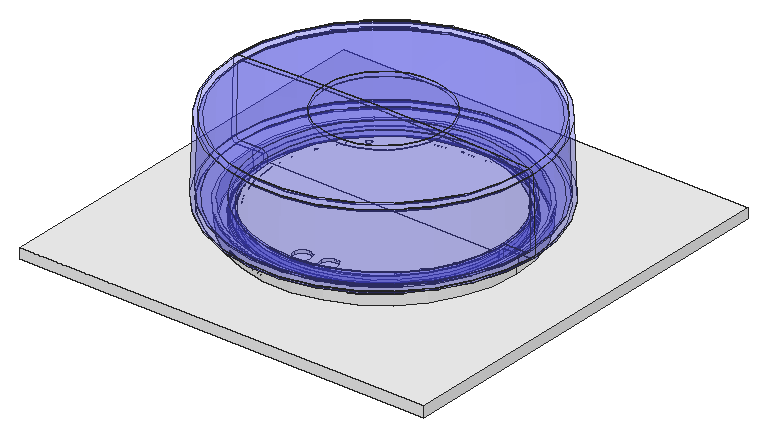
Revit family "BE_50655_de_DE", category Leuchten, Revit 2020
Family settings
  Basisbauteil = Fläche
  Bemaßung runder Anschluss = Durchmesser verwenden
  Teiletyp = Normal
  Beim Laden mit Abzugskörper schneiden = Ja
  Lichtquelle = Ja
  Gemeinsam genutzt = Nein
  Raumberechnungspunkt = Ja
Parameters (values of type "BEGA_50655_K27")
  built-in parameter 1150104 = 14.4 (stored number, unit not read)
  Wattage = 16.8 W
  Default Elevation = 0 mm
  built-in parameter 1150113 = 1 (stored number, unit not read)
  built-in parameter 1114218 = 1 (stored number, unit not read)
  Umgebungstemperatur = "25 °C"
  URL = "https://www.bega.com/de/produkt/50655"
  Typenkommentare = "© 2022 BEGA. Wir behalten uns das Recht vor, technische Änderungen ohne vorherige Ankündigung vorzunehmen."  # constant formula
  built-in parameter 1150134 = (empty or 0)
  built-in parameter 1150109 = 1 (stored number, unit not read)
  Strom = ""
  built-in parameter 1150110 = 1 (stored number, unit not read)
  Spannung = 239.996 V
  Sonderanfertigung = no
  Seriennummer [instance] = "Hier können Sie die eindeutige Seriennummer für das Facility Management eintragen."
  Schutzklasse = "I"
  Schutzart = "IP 44"
  Scheinlast = 0 VA
  Produktdatenblatt = "https://cdn.bega.com/bega/products/50655K27/current/documents/data-sheets/de"
  Oberflächentemperatur = ""
  Neigungswinkel = 0.00°
  Modell = "50655K27"
  Material_17 = BEGA_Reflektor
  Material_15 = BEGA_Leuchtmedium_matt
  Material_11 = BEGA_Glas_opal
  Material_09 = BEGA_Glas_klar
  Material_06 = BEGA_Oberfläche_Edelstahl_gebürstet
  Material_03 = BEGA_Oberfläche_Weiss_matt
  Material_02 = BEGA_Oberfläche_Silber_matt
  Material_01 [instance] = BEGA_Oberfläche_Grafit_matt
  M_W = no
  M_G = no
  M_A = no
  Logo = 0
  built-in parameter 1114217 = 1 (stored number, unit not read)
  built-in parameter 1150139 = (empty or 0)
  built-in parameter 1150105 = 550.81 (stored number, unit not read)
  built-in parameter 1150114 = 1 (stored number, unit not read)
  Lumens = 2604 lm
  built-in parameter 1150115 = 1 (stored number, unit not read)
  Leuchtenlichtstrom = "1744 lm"
  Leuchtenanzahl = ""
  Lebensdauerkriterien = "L70B50 @ 25 °C = 200000 h"
  Lastklassifizierung = Beleuchtung
  built-in parameter 1150112 = 1 (stored number, unit not read)
  Lampenlichtstrom = "2600 lm"
  Lampe = "LED 16.8 W"
  LED_Modulbezeichnung = "4x LED-0280/927"
  Hersteller = "BEGA"  # constant formula
  Halbstreuwinkel = ""
  Gewicht = "2.65 kg"
  Gebrauchslageneinschränkung [instance] = ""
  Frequenz = "0/50-60 Hz"
  Farbwiedergabeindex = "CRI > 90"
  Farbtemperaturverschiebung bei Dämpfen der Lampe = <Keine Auswahl>
  Farbtemperatur = "2700 K"
  Color Filter = 16777215
  built-in parameter 1150133 = 10 (stored number, unit not read)
  Energieeffizienzklasse = "LED A++ - A"
  built-in parameter 1150137 = (empty or 0)
  built-in parameter 1150132 = (empty or 0)
  ENEC = "ja"
  Dimmbar [instance] = "DALI"
  Datei für fotometrisches Netz = "BE_50655K27.IES"
  CE_Konformität = "ja"
  Bestellnummer = "50655K27"
  Beschreibung_Sonderanfertigung = "Hier können Sie Informationen zur Sonderanfertigung eintragen."
  Beschreibung = "Decken- und Wandleuchte"
  built-in parameter 1150106 = 5.5081 (stored number, unit not read)
  Befestigungsbohrung = "Ø 5,5 mm"
  Befestigungsabstand = "208 mm"
  Ballwurfsicher = ""
  BEGA_Intern_aus = yes
  BEGA_Intern_an = yes
  BEGA_Intern_Konstruktion = yes
  BEGA_Intern = yes
  BEGA_IES = yes
  BEGA_Dummy = no
  Anschlussleitung = ""
  Anschlussleistung [instance] = "19.1 W"
  Anschlusskasten = ""
  built-in parameter 1150107 = 3000 (stored number, unit not read)
  built-in parameter 1150102 = (empty or 0)
  built-in parameter 1150138 = (empty or 0)
  Aktualisierung = "2022-05-19T04:00:07"
  Abstand_zur_angestrahlten_Fläche [instance] = ""
  AC/DC = "AC/DC"
Types (3, lengths in mm): name | built-in parameter 1150104 | built-in parameter 1150134 | Modell | built-in parameter 1150105 | Lumens | Leuchtenlichtstrom | Lampenlichtstrom | LED_Modulbezeichnung | Farbtemperatur | Datei für fotometrisches Netz | Bestellnummer | built-in parameter 1150106 | built-in parameter 1150107
  BEGA_50655_K4 | 14.864 (stored number, unit not read) | 12 | "50655K4" | 568.55 (stored number, unit not read) | 2688 lm | "1770 lm" | "2640 lm" | "4x LED-0280/930" | "4000 K" | "BE_50655K4.IES" | "50655K4" | 5.6855 (stored number, unit not read) | 4000 (stored number, unit not read)
  BEGA_50655_K3 | 14.4 (stored number, unit not read) | (empty or 0) | "50655K3" | 550.81 (stored number, unit not read) | 2604 lm | "1770 lm" | "2640 lm" | "4x LED-0280/930" | "3000 K" | "BE_50655K3.IES" | "50655K3" | 5.5081 (stored number, unit not read) | 3000 (stored number, unit not read)
  BEGA_50655_K27 | 14.4 (stored number, unit not read) | (empty or 0) | "50655K27" | 550.81 (stored number, unit not read) | 2604 lm | "1744 lm" | "2600 lm" | "4x LED-0280/927" | "2700 K" | "BE_50655K27.IES" | "50655K27" | 5.5081 (stored number, unit not read) | 3000 (stored number, unit not read)
Reference planes
  plane 1 "Mitte (Vorne/Hinten)": y = 0
  plane 2: z = 0
  plane 3 "Mitte (Links/Rechts)": x = 0
  plane 4 "Links": x = -149.893
  plane 5 "Rechts": x = 149.893
  plane 6 "Unten": y = -149.9
  plane 7 "Oben": y = 149.9
  plane 8 "Vorne": z = 106.484
  plane 9 "Hinten": z = 0
Forms (mm)
  Extrusion 1, solid, material "BEGA_Platte_Weiss"
    sketch origin (0, -1119.2, 0) x (1, 0, 0) y (0, 1, 0)
      loop
        line (-200, 1319.2) -> (-200, 919.2) -> (200, 919.2) -> (200, 1319.2) -> (-200, 1319.2)
    from 0 to -10
  Extrusion 2, solid, material "BEGA_Dummy_matt", visible <- "BEGA_Dummy"
    sketch origin (77.149, -76.023, 0) x (1, 0, 0) y (0, 1, 0)
      loop
        circle (-77.149, 76.023) r 150
    from 0 to 106.484
Dimensions and locks
  plane 1 "Mitte (Vorne/Hinten)" to Extrusion 1 = 200 mm
  aligned and locked: plane 2 to Extrusion 1
  aligned and locked: level to Extrusion 1
Nested families
  nested 1: "BE_50655" at (0, 0, 0), type "BE_50655"
Connectors
  electrical at (0, 0, 0), driven by "Lastklassifizierung", driven by "Spannung", driven by "Scheinlast"
    settings: index 1, voltage 239.996 V, apparent load 0 VA, apparent load phase1 0 VA, apparent load phase2 0 VA, apparent load phase3 0 VA, power factor 1, load classification "Beleuchtung", number of poles 1, system type 31, power factor state 1, is connector primary yes, connector utility no, sub classification motor no, connector description ""
Definition of nested family "BE_50655"
  Parameters (values of type "BE_50655")
    Default Elevation = 1 mm
    URL = "http://www.bega.de/de/produkt"
    Type Comments = "© 2015 BEGA. Wir behalten uns das Recht vor, technische Änderungen ohne vorherige Ankündigung vorzunehmen. "  # constant formula
    Type Image = (empty or 0)
    Neigungswinkel_um_Z2 = 0.00°
    Neigungswinkel_um_Z1 = 0.00°
    Neigungswinkel_um_Y2 = 0.00°
    Neigungswinkel_um_Y1 = 0.00°
    Neigungswinkel_um_X2 = 0.00°
    Neigungswinkel_um_X1 = 0.00°
    Material_17 = none
    Material_15 = none
    Material_11 = none
    Material_09 = none
    Material_06 = none
    Material_05 = none
    Material_03 = none
    Material_02 = none
    Material_01 = none
    M_W = yes
    M_G = yes
    M_A = yes
    Länge_Platte = 350 mm  # constant formula
    Höhe_Platte = -10 mm  # constant formula
    Manufacturer = "BEGA"  # constant formula
    Drehwinkel_um_Z2 = 0.00°
    Drehwinkel_um_Z1 = 0.00°
    Breite_Platte = 350 mm  # constant formula
  Reference planes
    plane 1 "Mitte (Oben/Unten)": y = 0
    plane 2: z = 0
    plane 3 "Mitte (Links/Rechts)": x = 0
    plane 4: x = -149.893
    plane 5: z = 106.484
    plane 6: x = 149.893
    plane 7: y = -149.9
    plane 8: y = 149.9
  Forms (mm)
    Extrusion 1, solid, detail levels medium
      sketch origin (0, 0, 0) x (1, 0, 0) y (0, 1, 0)
        loop
          line (-175, 175) -> (-175, -175) -> (175, -175) -> (175, 175) -> (-175, 175)
      from 0 to -10 <- "Höhe_Platte"
    Revolve 2, solid, material <- "Material_03", detail levels medium+fine
      sketch origin (0, 0, 0) x (1, 0, 0) y (0, 0, 1)
        loop
          line (-133, 23.5) -> (-133, 22) -> (-132.1, 22) -> (-131.506, 5) -> (-112.46, 5)
          arc (-112.46, 5) -> (-111.765, 5.281) -> (-111.46, 5.966) r 1
          line (-111.46, 5.966) -> (-111.179, 14.035)
          arc (-111.179, 14.035) -> (-110.874, 14.719) -> (-110.179, 15) r 1
          line (-110.179, 15) -> (0, 15) -> (0, 17.535) -> (-113.15, 17.535) -> (-113.449, 8.958)
          arc (-113.449, 8.958) -> (-113.906, 7.931) -> (-114.948, 7.51) r 1.5
          line (-114.948, 7.51) -> (-128.534, 7.5)
          arc (-128.534, 7.5) -> (-129.228, 7.78) -> (-129.534, 8.463) r 1
          line (-129.534, 8.463) -> (-130.059, 23.5) -> (-133, 23.5)
        axis (0, 5) -> (0, 23.5)
      angle from 0 to 360
    Revolve 3, solid, material <- "Material_03", detail levels medium+fine
      sketch origin (-120, 0, 0) x (-1, 0, 0) y (0, 0, 1)
        loop
          line (-2.811, 4.164) -> (-2.468, 2.099)
          arc (-2.468, 2.099) -> (-1.62, 0.596) -> (0, 0) r 2.5
          line (0, 0) -> (0, 6.055) -> (-3.797, 6.055) -> (-3.797, 5)
          arc (-3.797, 5) -> (-3.151, 4.763) -> (-2.811, 4.164) r 1
        axis (0, 6.055) -> (0, 0)
      angle from 0 to 360
    Extrusion 4, void
      sketch origin (0, 0, 0) x (1, 0, 0) y (0, 1, 0)
        loop
          circle (22, -95) r 8.475
        loop
          circle (-73.539, 73.539) r 2.75
        loop
          circle (73.539, -73.539) r 2.75
        loop
          circle (-2.5, -97.5) r 8.475
      from 3 to 18.982
    Revolve 5, solid, material <- "Material_11", detail levels medium+fine
      sketch origin (0, 0, 0) x (1, 0, 0) y (0, 0, 1)
        loop
          line (-58.511, 105.392) -> (-144.167, 102.537)
          arc (-144.167, 102.537) -> (-146.872, 101.357) -> (-148.032, 98.644) r 4
          line (-148.032, 98.644) -> (-149.893, 27.605)
          arc (-149.893, 27.605) -> (-148.759, 24.709) -> (-145.894, 23.5) r 4
          line (-145.894, 23.5) -> (-118.75, 23.5) -> (-118.75, 15.269)
          arc (-118.75, 15.269) -> (-118.957, 14.659) -> (-119.492, 14.301) r 1
          line (-119.492, 14.301) -> (-120.509, 14.029)
          arc (-120.509, 14.029) -> (-121.043, 13.672) -> (-121.25, 13.063) r 1
          line (-121.25, 13.063) -> (-121.25, 9.5) -> (-117.25, 9.5) -> (-117.25, 10.937)
          arc (-117.25, 10.937) -> (-115.42, 12.767) -> (-114.75, 15.267) r 5
          line (-114.75, 15.267) -> (-114.75, 22)
          arc (-114.75, 22) -> (-116.366, 25.889) -> (-120.256, 27.5) r 5.5
          line (-120.256, 27.5) -> (-141.788, 27.5)
          arc (-141.788, 27.5) -> (-144.653, 28.709) -> (-145.786, 31.605) r 4
          line (-145.786, 31.605) -> (-144.132, 94.772)
          arc (-144.132, 94.772) -> (-142.973, 97.485) -> (-140.269, 98.665) r 4
          line (-140.269, 98.665) -> (-58.418, 101.392)
          arc (-58.418, 101.392) -> (-29.213, 102.152) -> (0, 102.484) r 1996
          line (0, 102.484) -> (0, 106.484)
          arc (0, 106.484) -> (-29.259, 106.152) -> (-58.511, 105.392) r 2000
        axis (0, 106.484) -> (0, 9.5)
      angle from 0 to 360
    Revolve 6, solid, material <- "Material_03", detail levels medium+fine
      sketch origin (0, 120, 0) x (0, 1, 0) y (0, 0, 1)
        loop
          line (-2.811, 4.164) -> (-2.468, 2.099)
          arc (-2.468, 2.099) -> (-1.62, 0.596) -> (0, 0) r 2.5
          line (0, 0) -> (0, 6.055) -> (-3.797, 6.055) -> (-3.797, 5)
          arc (-3.797, 5) -> (-3.151, 4.763) -> (-2.811, 4.164) r 1
        axis (0, 6.055) -> (0, 0)
      angle from 0 to 360
    Revolve 7, solid, material <- "Material_03", detail levels medium+fine
      sketch origin (0, -120, 0) x (0, -1, 0) y (0, 0, 1)
        loop
          line (-2.811, 4.164) -> (-2.468, 2.099)
          arc (-2.468, 2.099) -> (-1.62, 0.596) -> (0, 0) r 2.5
          line (0, 0) -> (0, 6.055) -> (-3.797, 6.055) -> (-3.797, 5)
          arc (-3.797, 5) -> (-3.151, 4.763) -> (-2.811, 4.164) r 1
        axis (0, 6.055) -> (0, 0)
      angle from 0 to 360
    Revolve 8, solid, material <- "Material_03", detail levels medium+fine
      sketch origin (120, 0, 0) x (1, 0, 0) y (0, 0, 1)
        loop
          line (-2.811, 4.164) -> (-2.468, 2.099)
          arc (-2.468, 2.099) -> (-1.62, 0.596) -> (0, 0) r 2.5
          line (0, 0) -> (0, 6.055) -> (-3.797, 6.055) -> (-3.797, 5)
          arc (-3.797, 5) -> (-3.151, 4.763) -> (-2.811, 4.164) r 1
        axis (0, 6.055) -> (0, 0)
      angle from 0 to 360
  Cuts and joins
    Extrusion 4 cuts Revolve 2
    Extrusion 4 cuts Revolve 3
    joined: Revolve 2, Revolve 3, Revolve 6, Revolve 7, Revolve 8
  Dimensions and locks
    equal spacing: Extrusion 1 sketch curve, plane 3 "Mitte (Links/Rechts)", Extrusion 1 sketch curve
    equal spacing: Extrusion 1 sketch curve, plane 1 "Mitte (Oben/Unten)", Extrusion 1 sketch curve
    "Länge_Platte": Extrusion 1 sketch curve to Extrusion 1 sketch curve
    "Breite_Platte": Extrusion 1 sketch curve to Extrusion 1 sketch curve
    aligned and locked: plane 2 to Extrusion 1
    aligned and locked: level to Extrusion 1
  Automatic sketch dimensions
    Revolve 3 sketch curve to Revolve 3 sketch curve = 1.33 mm
    Revolve 3 sketch curve to Revolve 3 sketch curve = 0 mm  (x6)
    Revolve 3 sketch curve to Revolve 3 sketch curve = 1.901 mm
    Revolve 3 sketch curve to Revolve 3 sketch curve = 1 mm
    Revolve 3 sketch curve to Revolve 3 sketch curve = 1.055 mm
    Revolve 3 sketch curve to Revolve 3 sketch curve = 0.986 mm
    Extrusion 4 sketch curve to plane 3 "Mitte (Links/Rechts)" = 2.5 mm
    plane 3 "Mitte (Links/Rechts)" to Extrusion 4 sketch curve = 22 mm
    plane 1 "Mitte (Oben/Unten)" to Extrusion 4 sketch curve = 73.539 mm
    Extrusion 4 sketch curve to plane 1 "Mitte (Oben/Unten)" = 73.539 mm
    Revolve 2 sketch curve to plane 3 "Mitte (Links/Rechts)" = 0 mm  (x2)
    Revolve 2 sketch curve to Revolve 2 sketch curve = 1.499 mm
    Revolve 2 sketch curve to Revolve 2 sketch curve = 13.586 mm
    level to Revolve 2 sketch curve = 8.463 mm
    Revolve 2 sketch curve to Revolve 2 sketch curve = 0.999 mm  (x2)
    Revolve 2 sketch curve to Revolve 2 sketch curve = 0.525 mm
    Revolve 2 sketch curve to Revolve 2 sketch curve = 2.972 mm
    Revolve 2 sketch curve to Revolve 2 sketch curve = 2.041 mm
    Revolve 2 sketch curve to Revolve 2 sketch curve = 0.9 mm
    Revolve 2 sketch curve to Revolve 2 sketch curve = 3.463 mm
    Revolve 2 sketch curve to Revolve 2 sketch curve = 0.038 mm
    Revolve 2 sketch curve to Revolve 2 sketch curve = 0.052 mm
    level to Revolve 2 sketch curve = 15 mm
    Revolve 2 sketch curve to Revolve 2 sketch curve = 2.535 mm
    Revolve 2 sketch curve to Revolve 2 sketch curve = 13.538 mm
    Revolve 2 sketch curve to Revolve 2 sketch curve = 1.5 mm
    Revolve 2 sketch curve to Revolve 2 sketch curve = 0 mm  (x4)
    Revolve 2 sketch curve to Revolve 2 sketch curve = 3 mm
    Revolve 2 sketch curve to Revolve 2 sketch curve = 2.1 mm
    Revolve 2 sketch curve to Revolve 2 sketch curve = 1.458 mm
    Revolve 2 sketch curve to Revolve 2 sketch curve = 2.488 mm
    Revolve 2 sketch curve to Revolve 2 sketch curve = 0.966 mm
    Revolve 2 sketch curve to Revolve 2 sketch curve = 0.034 mm
    Revolve 2 sketch curve to Revolve 2 sketch curve = 0.035 mm
    Revolve 3 sketch curve to Revolve 3 sketch curve = 2.468 mm
    Revolve 3 sketch curve to Revolve 3 sketch curve = 2.099 mm
    Revolve 6 sketch curve to Revolve 6 sketch curve = 1.33 mm
    Revolve 6 sketch curve to Revolve 6 sketch curve = 0 mm  (x6)
    Revolve 6 sketch curve to Revolve 6 sketch curve = 1.901 mm
    Revolve 6 sketch curve to Revolve 6 sketch curve = 1 mm
    Revolve 6 sketch curve to Revolve 6 sketch curve = 1.055 mm
    Revolve 6 sketch curve to Revolve 6 sketch curve = 0.986 mm
    Revolve 6 sketch curve to Revolve 6 sketch curve = 2.468 mm
    Revolve 6 sketch curve to Revolve 6 sketch curve = 2.099 mm
    Revolve 7 sketch curve to Revolve 7 sketch curve = 1.33 mm
    Revolve 7 sketch curve to Revolve 7 sketch curve = 0 mm  (x6)
    Revolve 7 sketch curve to Revolve 7 sketch curve = 1.901 mm
    Revolve 7 sketch curve to Revolve 7 sketch curve = 1 mm
    Revolve 7 sketch curve to Revolve 7 sketch curve = 1.055 mm
    Revolve 7 sketch curve to Revolve 7 sketch curve = 0.986 mm
    Revolve 7 sketch curve to Revolve 7 sketch curve = 2.468 mm
    Revolve 7 sketch curve to Revolve 7 sketch curve = 2.099 mm
    Revolve 8 sketch curve to Revolve 8 sketch curve = 1.33 mm
    Revolve 8 sketch curve to Revolve 8 sketch curve = 0 mm  (x6)
    Revolve 8 sketch curve to Revolve 8 sketch curve = 1.901 mm
    Revolve 8 sketch curve to Revolve 8 sketch curve = 1 mm
    Revolve 8 sketch curve to Revolve 8 sketch curve = 1.055 mm
    Revolve 8 sketch curve to Revolve 8 sketch curve = 0.986 mm
    Revolve 8 sketch curve to Revolve 8 sketch curve = 2.468 mm
    Revolve 8 sketch curve to Revolve 8 sketch curve = 2.099 mm
    Revolve 3 sketch curve to level = 0 mm
    Revolve 6 sketch curve to level = 0 mm
    Revolve 7 sketch curve to level = 0 mm
    Revolve 8 sketch curve to level = 0 mm
    Revolve 5 sketch curve to plane 3 "Mitte (Links/Rechts)" = 0 mm  (x2)
    Revolve 5 sketch curve to Revolve 5 sketch curve = 0.093 mm
    Revolve 5 sketch curve to Revolve 5 sketch curve = 1.5 mm  (x3)
    Revolve 5 sketch curve to Revolve 5 sketch curve = 0.742 mm
    Revolve 5 sketch curve to Revolve 5 sketch curve = 1 mm  (x2)
    Revolve 5 sketch curve to Revolve 5 sketch curve = 0 mm  (x19)
    Revolve 5 sketch curve to Revolve 5 sketch curve = 0.758 mm
    Revolve 5 sketch curve to Revolve 5 sketch curve = 1.506 mm
    Revolve 5 sketch curve to Revolve 5 sketch curve = 0.135 mm
    Revolve 5 sketch curve to Revolve 5 sketch curve = 21.532 mm
    Revolve 5 sketch curve to Revolve 5 sketch curve = 3.765 mm
    Revolve 5 sketch curve to Revolve 5 sketch curve = 4.106 mm
    Revolve 5 sketch curve to Revolve 5 sketch curve = 3.999 mm  (x4)
    plane 3 "Mitte (Links/Rechts)" to Revolve 5 sketch curve = 8.067 mm
    level to Revolve 5 sketch curve = 31.5 mm
    Revolve 5 sketch curve to Revolve 5 sketch curve = 4 mm  (x2)
    Revolve 5 sketch curve to Revolve 5 sketch curve = 6.731 mm
    Revolve 5 sketch curve to Revolve 5 sketch curve = 0.001 mm  (x2)
    Revolve 5 sketch curve to Revolve 5 sketch curve = 1.238 mm
    Revolve 5 sketch curve to Revolve 5 sketch curve = 2.126 mm
    Revolve 5 sketch curve to Revolve 5 sketch curve = 1.437 mm
    Revolve 5 sketch curve to level = 1893.5 mm
    Revolve 5 sketch curve to Revolve 5 sketch curve = 0.005 mm
    Revolve 5 sketch curve to Revolve 5 sketch curve = 0.259 mm
    Revolve 5 sketch curve to Revolve 5 sketch curve = 0.133 mm
    Revolve 2 sketch curve to Revolve 2 sketch curve = 110.179 mm
    level to Revolve 2 sketch curve = 14.035 mm
    Revolve 2 sketch curve to Revolve 2 sketch curve = 0.282 mm
    Revolve 2 sketch curve to Revolve 2 sketch curve = 2.97 mm
    Revolve 3 sketch curve to plane 3 "Mitte (Links/Rechts)" = 116.203 mm
    Extrusion 4 sketch curve to plane 3 "Mitte (Links/Rechts)" = 73.539 mm
    Revolve 5 sketch curve to plane 3 "Mitte (Links/Rechts)" = 58.418 mm
    Revolve 5 sketch curve to Revolve 5 sketch curve = 58.832 mm
    Revolve 5 sketch curve to Revolve 5 sketch curve = 1.654 mm
    Revolve 5 sketch curve to Revolve 5 sketch curve = 0.099 mm
    Revolve 5 sketch curve to Revolve 5 sketch curve = 63.167 mm
    Revolve 5 sketch curve to Revolve 5 sketch curve = 0.105 mm  (x2)
    Revolve 5 sketch curve to Revolve 5 sketch curve = 0.125 mm
    Revolve 5 sketch curve to Revolve 5 sketch curve = 2.728 mm
    Revolve 5 sketch curve to Revolve 5 sketch curve = 11.983 mm
    Extrusion 4 sketch curve to Extrusion 4 sketch curve = 51.539 mm
    plane 3 "Mitte (Links/Rechts)" to Revolve 8 sketch curve = 116.203 mm
    plane 7 to Extrusion 4 sketch curve = 54.9 mm
    Extrusion 4 sketch curve to Extrusion 4 sketch curve = 2.5 mm
    plane 7 to Revolve 7 sketch curve = 33.697 mm
    Revolve 6 sketch curve to plane 1 "Mitte (Oben/Unten)" = 116.203 mm
    radius of Extrusion 4 sketch curve = 8.475 mm  (x2)
    radius of Extrusion 4 sketch curve = 2.75 mm  (x2)
